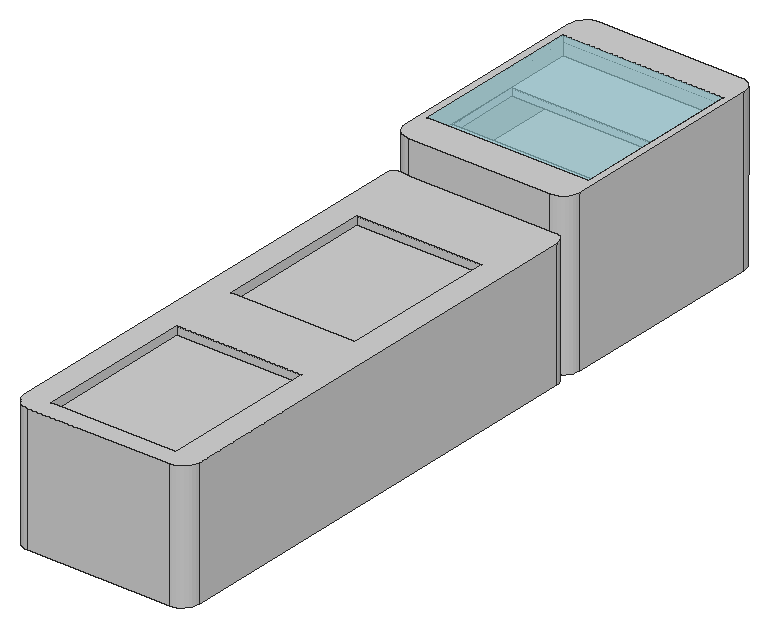
Revit family "Building-QuadriIEC309-GEWISS-68QDIN-QUADRI-PRESE-5MOD_2PRESE", category Apparecchi elettrici, host Superficie, Revit 2019
Family settings
  Host = Superficie
  Mantenere orientamento annotazione = Sì
  Quota connettore circolare = Usa diametro
  Tipo di parte = Normale
  Taglio con vuoti quando caricato = No
  Condiviso = No
  Punto di calcolo locali = Sì
Parameters (values of type "GW68020N - Q-DIN 5M 2FLANGE 16/32A IP65")
  visibilita posizionamento 2d [instance] = yes
  simbolo 2d [instance] = yes
  oggetto in pianta [instance] = not(visibilita posizionamento 2d)  # no
  distanza_simbolo [instance] = 0.1 mm
  bordo acceso [instance] = yes
  Visibilità sportello [instance] = yes
  Versione file RFA = "21.5"
  VETRO = Vetro
  URL = "https://www.gewiss.com/it/it"
  Tipologia di installazione = "Da parete"
  Tipo versione = "Vuoto"
  Termopressione con biglia = "70 °C"
  Temperatura di utilizzo = "-25 +40 °C"
  Spostamento_effettivo_S [instance] = 4000 mm - Spostamento_S  # 3000 mm
  Spostamento_S = 1000 mm
  Simbolo_quadro [instance] = not(simbolo 2d)  # no
  Scheda Tecnica = "https://www.gewiss.com/it/it/search?q=GW68020N"
  STRUTTURA ALTA = Poche
  STRUTTURA = RAL - 7035
  SEO = "Quadretto"
  Resistenza agli urti = "IK08"
  Default Elevation = 1219.2 mm
  Produttore = "GEWISS S.p.A."
  Potenza dissipabile B (W) = "37"
  Potenza dissipabile A (W) = "10"
  PRESA = rosso
  POMELLO = bianco
  N_moduli = 5 mm
  N. prese alloggiabili = "2 IEC 309 16/32 A IP44/67"
  N. mod. EN 50022 = "5"
  N. coperchi ciechi in dotazione = "1 IEC 16/32 A"
  Modello = "GW68020N"
  L_moduli = N_moduli * 19  # 95 mm
  Immagine tipo = GW68020N.jpg
  IDT = "5140f011-8991-4eb1-9962-5876152ff894"
  IDF = "8587d195-1297-46ed-8ca4-253c7de50050"
  Grado di protezione = "IP65"
  Glow Wire Test = "650°C"
  Descrizione = "Q-DIN 5M 2FLANGE 16/32A IP65"
  Creato da GEWISS S.p.A. = ""
  ConformitÃ  normativa = "EN 60208 - EN 60670-1 - IEC 60670-24"
  Colore = "Grigio RAL 7035"
  Codice Electrocod = "2242"
  Codice EAN = "8011564747548"
  Classe isolamento = "II"
  Catalogo Serie = "68 QDIN"
  Catalogo = "BUILDING"
  COBie.Tagnumber = ""
  COBie.CreatedOn = ""
  COBie.CreatebBy = ""
  COBie.ComponentRegisterItemID = ""
  COBie.Component.TagNumber = ""
  COBie.Component.Space = ""
  COBie.Component.SerialNumber = ""
  COBie.Component.InstallationDate = ""
  COBie.Component.Description = ""
  COBie.Component.BarCode = ""
Reference planes
  plane 1 "Centro (Fronte/Retro)": y = 0
  plane 2: z = 0
  plane 3 "Centro (Sinistra/Destra)": x = 0
  plane 4: x = -3000
  plane 5: x = 0
Forms (mm)
  Extrusion 1, solid, material "RAL - 7035" <- "STRUTTURA", detail levels coarse
    sketch origin (0, 0, 0) x (0, 1, 0) y (0, 0, 1)
      loop
        line (0, 96) -> (0, 0) -> (429, 0) -> (429, 96) -> (0, 96)
    from -52.5 to 52.5
Lines and regions (mm)
  Masking region 1, visible <- "visibilita posizionamento 2d"
    outline origin (0, 0, 0) x (1, 0, 0) y (0, 0, 1)
      loop
        line (-52.5, 0) -> (52.5, 0) -> (52.5, 96) -> (-52.5, 96) -> (-52.5, 0)
Dimensions and locks
  plane 4 to plane 3 "Centro (Sinistra/Destra)" = 3000 mm
  "Spostamento_effettivo_S": plane 4 to plane 5
  aligned and locked: plane 2 to host face
  aligned and locked: level to host face
  aligned and locked: nested 1 to plane 5
  aligned and locked: nested 3 to plane 5
  aligned and locked: Extrusion 1 sketch curve to nested 2
  aligned and locked: plane 1 "Centro (Fronte/Retro)" to nested 2
  aligned and locked: nested 2 to plane 5
  aligned and locked: Extrusion 1 to nested 2
Automatic sketch dimensions
  host sketch curve to host sketch curve = 2438.4 mm  (x2)
  Extrusion 1 sketch curve to level = 0 mm
  Extrusion 1 sketch curve to plane 1 "Centro (Fronte/Retro)" = 0 mm
  Extrusion 1 sketch curve to plane 1 "Centro (Fronte/Retro)" = 429 mm
  Masking region 1 sketch curve to level = 0 mm
  Masking region 1 sketch curve to plane 3 "Centro (Sinistra/Destra)" = 52.5 mm
  plane 3 "Centro (Sinistra/Destra)" to Masking region 1 sketch curve = 52.5 mm
  Masking region 1 sketch curve to Masking region 1 sketch curve = 96 mm
Nested families
  nested 1: "CENTRALINO" at (0, 737.795, 0), BORDO ACCESO <- "bordo acceso", SIMBOLO ACCESO <- "simbolo 2d", Distanza dal muro <- "distanza_simbolo", visible <- "simbolo 2d", type "CENTRALINO"
    with SIMBOLO ACCESO yes, Distanza dal muro 0.1 mm, BORDO ACCESO yes
  nested 2: "base_QDIN5 QUADRO  2 PRESE IND" at (0, 286, 0), type "base_QDIN5 QUADRO  2 PRESE IND", detail levels medium+fine
  nested 3: "simb_CENTRALINO_BASE_cad pro" at (0, 737.795, 0), Distanza dal muro <- "distanza_simbolo", visible <- "Simbolo_quadro", SIMBOLO ACCESO <- "Simbolo_quadro", type "simb_CENTRALINO_BASE_cad pro"
    with SIMBOLO ACCESO no, Distanza dal muro 0.1 mm, BORDO ACCESO yes
Definition of nested family "base_QDIN5 QUADRO  2 PRESE IND"
  Parameters (values of type "base_QDIN5 QUADRO  2 PRESE IND")
    n_moduli = 5 mm
    l_moduli = n_moduli * 19  # 95 mm
    h_moduli = 45 mm
    Vetro = none
    Struttura = none
    Spessore = 96 mm
    Default Elevation = 14 mm
    Presa = none
    Lunghezza = 105 mm
    Larghezza = 105 mm
    IFC.TypeObject = ""
    IFC.ExportType = ""
    IFC.ExportAs = ""
    COBie.CreatedOn = ""
    COBie.CreatebBy = ""
    COBie.ComponentRegisterItemID = ""
    COBie.Component.TagNumber = ""
    COBie.Component.Space = ""
    COBie.Component.SerialNumber = ""
    COBie.Component.InstallationDate = ""
    COBie.Component.Description = ""
    COBie.Component.BarCode = ""
    Altezza scatole = 350 mm  # constant formula
    Altezza quadro = 150 mm  # constant formula
    Altezza = 258 mm  # constant formula
  Reference planes
    plane 1 "Centro (Fronte/Retro)": y = 0
    plane 2: z = 0
    plane 3 "Centro (Sinistra/Destra)": x = 0
    plane 4: z = 62.089
    plane 5: z = 103.126
    plane 6: z = 76.196
    plane 7: x = -52.5
    plane 8: x = 52.5
    plane 9: x = -48.5
    plane 10: x = 48.5
    plane 11: y = 123.21
    plane 12: y = 21.246
    plane 13: y = 0
    plane 14: y = -180.323
    plane 15: y = -275.323
    plane 16: y = -140.34
    plane 17: y = -45.34
    plane 18: y = -286
    plane 19: y = 143
    plane 20: z = 71.196
    plane 21: y = 84
    plane 22: y = 39
    plane 23: x = -47.5
    plane 24: x = 47.5
    plane 25: z = 92.059
    plane 26: z = 96
    plane 27 "posizionamento moduli": z = 84.734
    plane 28: z = 80.558
    plane 29: y = 61.5
  Forms (mm)
    Extrusion 1, solid, material <- "Struttura"
      sketch origin (0, -857.311, 0) x (1, 0, 0) y (0, 1, 0)
        loop
          arc (-42.5, 1000.311) -> (-49.571, 997.382) -> (-52.5, 990.311) r 10
          line (-52.5, 990.311) -> (-52.5, 867.311)
          arc (-52.5, 867.311) -> (-49.571, 860.24) -> (-42.5, 857.311) r 10
          line (-42.5, 857.311) -> (42.5, 857.311)
          arc (42.5, 857.311) -> (49.571, 860.24) -> (52.5, 867.311) r 10
          line (52.5, 867.311) -> (52.5, 990.311)
          arc (52.5, 990.311) -> (49.571, 997.382) -> (42.5, 1000.311) r 10
          line (42.5, 1000.311) -> (-42.5, 1000.311)
      from 0 to 96
    Extrusion 2, solid, material <- "Struttura"
      sketch origin (0, -857.311, 0) x (1, 0, 0) y (0, 1, 0)
        loop
          line (44.95, 857.311) -> (-48.88, 857.311)
          arc (-48.88, 857.311) -> (-51.44, 856.251) -> (-52.5, 853.691) r 3.62
          line (-52.5, 853.691) -> (-52.5, 581.311)
          arc (-52.5, 581.311) -> (-49.571, 574.24) -> (-42.5, 571.311) r 10
          line (-42.5, 571.311) -> (42.5, 571.311)
          arc (42.5, 571.311) -> (49.571, 574.24) -> (52.5, 581.311) r 10
          line (52.5, 581.311) -> (52.5, 849.76)
          arc (52.5, 849.76) -> (50.289, 855.099) -> (44.95, 857.311) r 7.55
      from 0 to 76.196
    Extrusion 3, void
      sketch origin (0, -857.311, 0) x (1, 0, 0) y (0, 1, 0)
        loop
          line (-48.5, 980.52) -> (-48.5, 878.557) -> (48.5, 878.557) -> (48.5, 980.52) -> (-48.5, 980.52)
      from 62.089 to 96
    Extrusion 4, solid, material <- "Vetro", detail levels fine
      sketch origin (0, -857.311, 0) x (1, 0, 0) y (0, 1, 0)
        loop
          line (-48.5, 980.52) -> (-48.5, 878.557) -> (48.5, 878.557) -> (48.5, 980.52) -> (-48.5, 980.52)
      from 92.059 to 96
    Extrusion 5, void
      sketch origin (0, -857.311, 0) x (1, 0, 0) y (0, 1, 0)
        loop
          line (-37.506, 811.971) -> (-37.506, 716.971) -> (37.506, 716.971) -> (37.506, 811.971) -> (-37.506, 811.971)
      from 71.196 to 76.196
    Extrusion 6, void
      sketch origin (0, -992.311, 0) x (1, 0, 0) y (0, 1, 0)
        loop
          line (-37.506, 811.987) -> (-37.506, 716.987) -> (37.506, 716.987) -> (37.506, 811.987) -> (-37.506, 811.987)
      from 71.196 to 76.196
    Extrusion 7, void
      sketch origin (0, 0, 0) x (1, 0, 0) y (0, 1, 0)
        loop
          line (-47.5, 39) -> (47.5, 39) -> (47.5, 84) -> (-47.5, 84) -> (-47.5, 39)
      from 80.558 to 84.734
    Extrusion 8, solid
      sketch origin (0, 0, 0) x (1, 0, 0) y (0, 1, 0)
        loop
          line (-48.5, 123.21) -> (-48.5, 21.246) -> (48.5, 21.246) -> (48.5, 123.21) -> (-48.5, 123.21)
      from 80.558 to 84.734
  Cuts and joins
    Extrusion 3 cuts Extrusion 1
    Extrusion 5, Extrusion 6 cuts Extrusion 2
    Extrusion 7 cuts Extrusion 8
    Extrusion 7 cuts Extrusion 4
  Lines and regions (mm)
    model lines
      curve 1: line (-47.5, 61.5, 84.734) -> (47.5, 61.5, 84.734)
  Dimensions and locks
    locked: plane 4 to plane 5 at 41.036
    locked: plane 7 to plane 9 at 4
    locked: plane 10 to plane 8 at 4
    equal spacing: plane 7, plane 3 "Centro (Sinistra/Destra)", plane 8
    "Larghezza": plane 7 to plane 8
    locked: plane 13 to plane 17 at 45.34
    locked: plane 16 to plane 14 at 39.983
    locked: plane 17 to plane 16 at 95
    plane 14 to plane 15 = 95 mm
    plane 1 "Centro (Fronte/Retro)" to plane 19 = 143 mm
    plane 18 to plane 13 = 286 mm
    plane 12 to plane 1 "Centro (Fronte/Retro)" = 21.246 mm
    plane 11 to plane 19 = 19.79 mm
    locked: plane 6 to plane 20 at 5
    locked: plane 19 to plane 21 at 59
    "h_moduli": plane 21 to plane 22
    equal spacing: plane 23, plane 3 "Centro (Sinistra/Destra)", plane 24
    "l_moduli": plane 23 to plane 24
    locked: plane 26 to plane 25 at 3.941
    plane 6 to plane 2 = 76.196 mm
    locked: plane 25 to plane 27 "posizionamento moduli" at 7.325
    locked: plane 27 "posizionamento moduli" to plane 28 at 4.176
    equal spacing: plane 21, plane 29, plane 22
    radius of Extrusion 2 sketch curve = 10 mm  (x2)
    radius of Extrusion 2 sketch curve = 3.62 mm
    radius of Extrusion 2 sketch curve = 7.55 mm
    radius of Extrusion 1 sketch curve = 10 mm  (x4)
    aligned and locked: level to plane 2
    aligned and locked: cut or joined group of Extrusion 1, Extrusion 3 to plane 4  (x2)
    aligned and locked: Extrusion 2 to plane 6
    aligned and locked: plane 7 to Extrusion 2 sketch curve
    aligned and locked: plane 8 to Extrusion 2 sketch curve
    aligned and locked: plane 8 to Extrusion 1 sketch curve
    aligned and locked: plane 7 to Extrusion 1 sketch curve
    aligned and locked: Extrusion 4 sketch curve to plane 9
    aligned and locked: Extrusion 4 sketch curve to plane 10
    aligned and locked: Extrusion 3 sketch curve to plane 9
    aligned and locked: Extrusion 3 sketch curve to plane 10
    aligned and locked: Extrusion 4 sketch curve to plane 11
    aligned and locked: plane 12 to Extrusion 4 sketch curve
    aligned and locked: Extrusion 3 sketch curve to plane 11
    aligned and locked: plane 12 to Extrusion 3 sketch curve
    aligned and locked: plane 13 to Extrusion 1 sketch curve
    aligned and locked: Extrusion 2 sketch curve to plane 13
    aligned and locked: plane 18 to Extrusion 2 sketch curve
    aligned and locked: Extrusion 5 to plane 16
    aligned and locked: plane 17 to Extrusion 5
    aligned and locked: plane 14 to Extrusion 6
    aligned and locked: plane 1 "Centro (Fronte/Retro)" to plane 13
    aligned and locked: plane 19 to Extrusion 1 sketch curve
    aligned and locked: Extrusion 6 to plane 15
    aligned and locked: Extrusion 6 to plane 20
    aligned and locked: Extrusion 6 to plane 6
    aligned and locked: Extrusion 5 to plane 20
    aligned and locked: Extrusion 5 to plane 6
    aligned and locked: Extrusion 7 sketch curve to plane 23
    aligned and locked: Extrusion 7 sketch curve to plane 21
    aligned and locked: Extrusion 7 sketch curve to plane 22
    aligned and locked: Extrusion 7 sketch curve to plane 24
    aligned and locked: plane 26 to cut or joined group of Extrusion 1, Extrusion 3
    aligned and locked: plane 27 "posizionamento moduli" to Extrusion 7
    aligned and locked: Extrusion 7 to plane 28
    aligned and locked: Extrusion 8 sketch curve to plane 11
    aligned and locked: Extrusion 8 sketch curve to plane 12
    aligned and locked: Extrusion 8 to plane 28
    aligned and locked: plane 27 "posizionamento moduli" to Extrusion 8
    aligned and locked: Extrusion 8 sketch curve to Extrusion 4  (x2)
    aligned and locked: plane 29 to curve 1
  Automatic sketch dimensions
    Extrusion 5 sketch curve to plane 9 = 10.994 mm
    plane 10 to Extrusion 5 sketch curve = 10.994 mm
    plane 1 "Centro (Fronte/Retro)" to Extrusion 5 sketch curve = 140.34 mm
    plane 1 "Centro (Fronte/Retro)" to Extrusion 5 sketch curve = 45.34 mm
    Extrusion 6 sketch curve to plane 9 = 10.994 mm
    plane 10 to Extrusion 6 sketch curve = 10.994 mm
    plane 1 "Centro (Fronte/Retro)" to Extrusion 6 sketch curve = 275.323 mm
    Extrusion 6 sketch curve to Extrusion 6 sketch curve = 95 mm
    curve 1 to plane 24 = 0 mm
    curve 1 to plane 23 = 0 mm
Definition of nested family "CENTRALINO"
  Parameters (values of type "CENTRALINO")
    SIMBOLO ACCESO [instance] = yes
    Distanza dal muro [instance] = 0 mm
    BORDO ACCESO [instance] = yes
  Reference planes
    plane 1: y = 0
    plane 2: x = 0
  Dimensions and locks
    "Distanza dal muro": plane 1 to nested 1
    aligned and locked: plane 2 to nested 1
  Nested families
    nested 1: "CENTRALINO_BASE" at (0, 0, 0), BORDO ACCESO <- "BORDO ACCESO", visible <- "SIMBOLO ACCESO", type "CENTRALINO"
      with BORDO ACCESO yes
  Definition of nested family "CENTRALINO_BASE"
    Parameters (values of type "CENTRALINO")
      Distanza dal muro = 0 mm
      BORDO ACCESO [instance] = yes
    Reference planes
      plane 1: y = 0
      plane 2: x = 0
    Lines and regions (mm)
      detail lines, visible <- "BORDO ACCESO", not visible
        curve 1: line (-2.443, 10.208, 0) -> (2.057, 10.208, 0)
        curve 2: line (2.057, 10.208, 0) -> (2.057, 4.208, 0)
        curve 3: line (2.057, 4.208, 0) -> (-2.443, 4.208, 0)
        curve 4: line (-2.443, 4.208, 0) -> (-2.443, 10.208, 0)
        curve 5: line (-2.043, 9.808, 0) -> (1.657, 9.808, 0)
        curve 6: line (1.657, 9.808, 0) -> (1.657, 4.608, 0)
        curve 7: line (1.657, 4.608, 0) -> (-2.043, 4.608, 0)
        curve 8: line (-2.043, 4.608, 0) -> (-2.043, 9.808, 0)
      detail lines
        curve 9: line (0, 0.671, 0) -> (0, 0, 0)
        curve 10: line (0.659, 0.671, 0) -> (0.659, 1.33, 0)
        curve 11: line (0.659, 1.33, 0) -> (-0.659, 1.33, 0)
        curve 12: line (-0.659, 1.33, 0) -> (-0.659, 0.671, 0)
        curve 13: line (-0.659, 0.671, 0) -> (0.659, 0.671, 0)
        curve 14: line (0.497, 1.33, 0) -> (0.497, 2, 0)
        curve 15: line (0.167, 1.33, 0) -> (0.167, 2, 0)
        curve 16: line (-0.162, 1.33, 0) -> (-0.162, 2, 0)
        curve 17: line (-0.491, 1.33, 0) -> (-0.491, 2, 0)
Definition of nested family "simb_CENTRALINO_BASE_cad pro"
  Parameters (values of type "simb_CENTRALINO_BASE_cad pro")
    SIMBOLO ACCESO [instance] = yes
    Distanza dal muro [instance] = 0 mm
    BORDO ACCESO [instance] = yes
  Reference planes
    plane 1: y = 0
    plane 2: x = 0
  Dimensions and locks
    "Distanza dal muro": plane 1 to nested 1
    aligned and locked: plane 2 to nested 1
  Nested families
    nested 1: "CENTRALINO_BASE_cad pro" at (0, 0, 0), type "CENTRALINO"
  Definition of nested family "CENTRALINO_BASE_cad pro"
    Parameters (values of type "CENTRALINO")
      Distanza dal muro = 0 mm
    Reference planes
      plane 1: y = 0
      plane 2: x = 0
    Lines and regions (mm)
      detail lines
        curve 1: line (1.33, 1.33, 0) -> (2.109, 1.33, 0)
        curve 2: line (2.109, 1.33, 0) -> (2.109, 0, 0)
        curve 3: line (2.109, 0, 0) -> (1.33, 0, 0)
        curve 4: line (1.33, 0, 0) -> (-1.33, 1.33, 0)
        curve 5: line (-1.33, 1.33, 0) -> (1.33, 1.33, 0)
        curve 6: line (1.33, 1.33, 0) -> (1.33, 0, 0)
        curve 7: line (1.33, 0, 0) -> (-1.33, 0, 0)
        curve 8: line (-1.33, 0, 0) -> (-1.33, 1.33, 0)
        curve 9: line (1.461, 0.665, 0) -> (1.977, 0.665, 0)
        curve 10: line (1.719, 0.665, 0) -> (1.719, 1.01, 0)
        curve 11: arc (1.977, 0.406, 0) -> (1.719, 0.665, 0) -> (1.461, 0.406, 0) r 0.258
